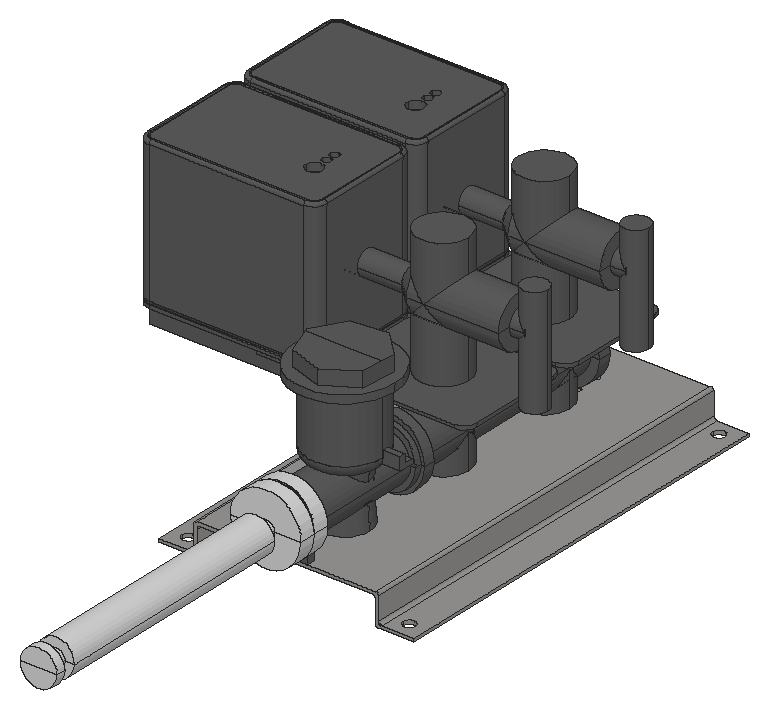
Revit family "Piezo_Button_Valve-Acorn-Master-Trol-Plus-MTPP1-MA2", category Mechanical Equipment, host Face, Revit 2019
Family settings
  Host = Face
  Round Connector Dimension = Use Diameter
  Classification = None
  Part Type = Normal
  OmniClass Number = 23.65.55.14.17
  OmniClass Title = Adjusting/Controlling Valves for Liquid Services
  Cut with Voids When Loaded = No
  Shared = Yes
  Room Calculation Point = No
Parameters (values of type "MTPP1-MA2")
  Width = 8.250"
  Waste Connection = no
  WFU = 0
  Vent Connection = no
  URL = "https://www.acorneng.com/"
  Type Comments = ""
  Product Page URL = "https://www.acorneng.com/hot-cold-valve-MTPP2"
  Product Documentation Link = "https://www.acorneng.com/uploads/fileLibrary/MTP.pdf"
  Model = "MTPP1-MA2"
  Min. Working Pressure = "30 Pounds per Square Inch (206.8 Kilopascal)"
  Maximum Temperature = "130º F (54º C)"
  Max. Working Pressure = "100 Pounds per Square Inch (689.5 Kilopascal)"
  Material = "Stainless Steel-Acorn-Satin"
  Manufacturer = "Acorn Engineering"
  Length = 5.016"
  Installation Type = "Surface Mounted"
  Inlet Diameter Connection = 0.500"
  IAPMO Compliance = "Valve conforms with the lead free requirements of NSF61, Section 9, 1997; Federal Public Law 111-380 and ADA requirements."
  HWFU = 0
  HW Connection = yes
  Finish = Stainless Steel-Acorn-Satin
  Description = "Option: Master-Trol® Plus Hot & Cold Piezo Button Valve"
  Depth Of Body = 5.128"
  Default Elevation = 0.000"
  Creation Date = "01/30/2023"
  CWFU = 0
  CW Connection = yes
  Assembly Code = "D2090900"
  ADA Compliant = yes
Reference planes (in)
  plane 1 "Center (Front/Back)": y = 0
  plane 2: z = 0
  plane 3 "Center (Left/Right)": x = 0
  plane 4: y = -4.125
  plane 5: y = 4.125
  plane 6: z = 0.0625
  plane 7: z = 0.62891
  plane 8: z = 0.56641
  plane 9 "Valve": z = 1.34766
  plane 10: x = 0.0075
  plane 11: x = 0.36688
  plane 12: y = -10.24609
  plane 13: y = -0.07031
  plane 14: y = -0.55469
  plane 15: y = 3.23963
  plane 16: y = 2.75525
  plane 17: y = 3.375
  plane 18: y = 1
  plane 19: y = -1.496
  plane 20: y = 0.879
  plane 21: x = -2.508
  plane 22: x = 2.508
  plane 23: x = -1.82
  plane 24: x = 1.82
  plane 25: z = 5.128
  plane 26: x = 3.6325
  plane 27: x = 0.0075
  plane 28: x = 3.6325
  plane 29: x = 0.0075
Forms (in)
  Extrusion 1, solid, material "Stainless Steel-Acorn-Satin"
    sketch origin (0, 0, 0) x (1, 0, 0) y (0, 0, 1)
      loop
        line (-2.508, 0) -> (-1.82, 0)
        arc (-1.82, 0) -> (-1.77581, 0.01831) -> (-1.7575, 0.0625) r 0.0625
        line (-1.7575, 0.0625) -> (-1.7575, 0.50391)
        arc (-1.7575, 0.50391) -> (-1.73919, 0.5481) -> (-1.695, 0.56641) r 0.0625
        line (-1.695, 0.56641) -> (1.695, 0.56641)
        arc (1.695, 0.56641) -> (1.73919, 0.5481) -> (1.7575, 0.50391) r 0.0625
        line (1.7575, 0.50391) -> (1.7575, 0.0625)
        arc (1.7575, 0.0625) -> (1.77581, 0.01831) -> (1.82, 0) r 0.0625
        line (1.82, 0) -> (2.508, 0) -> (2.508, 0.0625) -> (1.8825, 0.0625)
        arc (1.8825, 0.0625) -> (1.83831, 0.08081) -> (1.82, 0.125) r 0.0625
        line (1.82, 0.125) -> (1.82, 0.56641)
        arc (1.82, 0.56641) -> (1.80169, 0.6106) -> (1.7575, 0.62891) r 0.0625
        line (1.7575, 0.62891) -> (-1.7575, 0.62891)
        arc (-1.7575, 0.62891) -> (-1.80169, 0.6106) -> (-1.82, 0.56641) r 0.0625
        line (-1.82, 0.56641) -> (-1.82, 0.125)
        arc (-1.82, 0.125) -> (-1.83831, 0.08081) -> (-1.8825, 0.0625) r 0.0625
        line (-1.8825, 0.0625) -> (-2.508, 0.0625) -> (-2.508, 0)
    from -4.125 to 4.125
  Extrusion 2, void
    sketch origin (0, 0, 1.34766) x (0, -1, 0) y (1, 0, 0)
      loop
        circle (-3.81601, -2.17969) r 0.125
      loop
        circle (3.81601, -2.17969) r 0.125
      loop
        circle (-3.23963, -0.2458) r 0.05556
      loop
        circle (-3.23963, 0.24248) r 0.05556
      loop
        circle (-2.75525, -0.2458) r 0.05556
      loop
        circle (-2.75525, 0.24248) r 0.05556
      loop
        circle (0.07031, -0.2458) r 0.05556
      loop
        circle (0.07031, 0.24248) r 0.05556
      loop
        circle (0.55469, -0.2458) r 0.05556
      loop
        circle (0.55469, 0.24248) r 0.05556
      loop
        circle (-3.81601, 2.17969) r 0.125
      loop
        circle (3.81601, 2.17969) r 0.125
    from -1.34766 to -0.34089
  Revolve 3, solid, material "Stainless Steel-Acorn-Polished"
    sketch origin (2.17938, 0, 1.34766) x (0, -1, 0) y (-1, 0, 0)
      loop
        line (-2.97143, 2.17188) -> (-2.97143, 1.4775) -> (-2.72143, 1.4775) -> (-2.72143, 1.67044) -> (-1.78393, 1.67044) -> (1.37318, 1.67044) -> (1.37318, 1.4775) -> (1.58776, 1.4775) -> (1.58776, 1.56287) -> (1.71357, 1.56287) -> (1.71357, 1.67044) -> (3.99609, 1.67044) -> (3.99609, 1.4775) -> (4.29934, 1.4775) -> (4.19374, 1.5831) -> (4.3381, 1.5831) -> (4.3381, 1.47728) -> (4.64278, 1.47728) -> (4.64278, 2.00544) -> (4.89278, 2.00544) -> (4.89278, 1.8125) -> (9.80856, 1.8125) -> (9.80856, 2.00544) -> (10.05856, 2.00544) -> (10.05856, 1.8125) -> (10.24609, 1.8125) -> (10.24609, 2.17188) -> (-2.97143, 2.17188)
      axis (-2.97143, 2.17188) -> (10.24609, 2.17188)
    angle from 0 to 360
  Extrusion 4, solid, material "Plastic-Acorn-Black"
    sketch origin (1.82, 2.22143, 3.62041) x (0, -1, 0) y (1, 0, 0)
      loop
        circle (0, -1.8125) r 0.5
    from -2.9915 to 1.12959
  Revolve 5, solid, material "Plastic-Acorn-Black"
    sketch origin (1.82, 2.22143, 3.62041) x (0, -1, 0) y (1, 0, 0)
      loop
        line (0, -3.82748) -> (0, 0) -> (-0.25, 0) -> (-0.25, -0.31536) -> (-0.5, -0.31536) -> (-0.5, -2.12786) -> (-0.24041, -2.43723) -> (-0.24041, -3.82748) -> (0, -3.82748)
      axis (0, -3.82748) -> (0, 0)
    angle from 0 to 360
  Extrusion 6, solid, material "Plastic-Acorn-Black"
    sketch origin (1.82, 2.22143, 3.62041) x (0, -1, 0) y (1, 0, 0)
      loop
        circle (0, 0) r 0.25
    from -1.38796 to 0.75
  Sweep 7, solid, material "Plastic-Acorn-Black"
    path in 3D
      loop
        arc (-1.75422, 3.376, 3.62041) -> (-1.57744, 3.30278, 3.62041) -> (-1.50422, 3.126, 3.62041) r 0.25
        line (-1.50422, 3.126, 3.62041) -> (-1.50422, 1.251, 3.62041)
        arc (-1.50422, 1.251, 3.62041) -> (-1.57744, 1.07422, 3.62041) -> (-1.75422, 1.001, 3.62041) r 0.25
        line (-1.75422, 1.001, 3.62041) -> (-4.805, 1.001, 3.62041)
        arc (-4.805, 1.001, 3.62041) -> (-4.98178, 1.07422, 3.62041) -> (-5.055, 1.251, 3.62041) r 0.25
        line (-5.055, 1.251, 3.62041) -> (-5.055, 3.126, 3.62041)
        arc (-5.055, 3.126, 3.62041) -> (-4.98178, 3.30278, 3.62041) -> (-4.805, 3.376, 3.62041) r 0.25
        line (-4.805, 3.376, 3.62041) -> (-1.75422, 3.376, 3.62041)
    profile origin (-3.27961, 3.376, 3.62041) x (0, 1, 0) y (0, 0, 1)
      loop
        line (0, -1.32934) -> (0, 1.44139)
        arc (0, 1.44139) -> (-0.01717, 1.48283) -> (-0.05861, 1.5) r 0.05861
        line (-0.05861, 1.5) -> (-0.09006, 1.5) -> (-0.09006, -1.38796) -> (-0.05861, -1.38796)
        arc (-0.05861, -1.38796) -> (-0.01717, -1.37079) -> (0, -1.32934) r 0.05861
  Extrusion 8, solid, material "Plastic-Acorn-Black"
    sketch origin (1.82, 2.42678, 3.62041) x (0, -1, 0) y (1, 0, 0)
      loop
        line (-0.85915, -3.57422) -> (-0.85915, -6.625)
        arc (-0.85915, -6.625) -> (-0.81231, -6.73809) -> (-0.69922, -6.78494) r 0.15994
        line (-0.69922, -6.78494) -> (1.17578, -6.78494)
        arc (1.17578, -6.78494) -> (1.28887, -6.73809) -> (1.33572, -6.625) r 0.15994
        line (1.33572, -6.625) -> (1.33572, -3.57422)
        arc (1.33572, -3.57422) -> (1.28887, -3.46113) -> (1.17578, -3.41428) r 0.15994
        line (1.17578, -3.41428) -> (-0.69922, -3.41428)
        arc (-0.69922, -3.41428) -> (-0.81231, -3.46113) -> (-0.85915, -3.57422) r 0.15994
      loop
        circle (-0.01569, -4.125) r 0.08951
      loop
        circle (0.18259, -4.125) r 0.08907
      loop
        circle (0.48438, -4.125) r 0.16422
    from 1.35679 to 1.5
  Extrusion 9, solid, material "Plastic-Acorn-Black"
    sketch origin (1.82, -0.27457, 3.62041) x (0, -1, 0) y (1, 0, 0)
      loop
        circle (0, -1.8125) r 0.5
    from -2.9915 to 1.12959
  Revolve 10, solid, material "Plastic-Acorn-Black"
    sketch origin (1.82, -0.27457, 3.62041) x (0, -1, 0) y (1, 0, 0)
      loop
        line (0, -3.82748) -> (0, 0) -> (-0.25, 0) -> (-0.25, -0.31536) -> (-0.5, -0.31536) -> (-0.5, -2.12786) -> (-0.24041, -2.43723) -> (-0.24041, -3.82748) -> (0, -3.82748)
      axis (0, -3.82748) -> (0, 0)
    angle from 0 to 360
  Extrusion 11, solid, material "Plastic-Acorn-Black"
    sketch origin (1.82, -0.27457, 3.62041) x (0, -1, 0) y (1, 0, 0)
      loop
        circle (0, 0) r 0.25
    from -1.38796 to 0.75
  Sweep 12, solid, material "Plastic-Acorn-Black"
    path in 3D
      loop
        arc (-1.75422, 0.88, 3.62041) -> (-1.57744, 0.80678, 3.62041) -> (-1.50422, 0.63, 3.62041) r 0.25
        line (-1.50422, 0.63, 3.62041) -> (-1.50422, -1.245, 3.62041)
        arc (-1.50422, -1.245, 3.62041) -> (-1.57744, -1.42178, 3.62041) -> (-1.75422, -1.495, 3.62041) r 0.25
        line (-1.75422, -1.495, 3.62041) -> (-4.805, -1.495, 3.62041)
        arc (-4.805, -1.495, 3.62041) -> (-4.98178, -1.42178, 3.62041) -> (-5.055, -1.245, 3.62041) r 0.25
        line (-5.055, -1.245, 3.62041) -> (-5.055, 0.63, 3.62041)
        arc (-5.055, 0.63, 3.62041) -> (-4.98178, 0.80678, 3.62041) -> (-4.805, 0.88, 3.62041) r 0.25
        line (-4.805, 0.88, 3.62041) -> (-1.75422, 0.88, 3.62041)
    profile origin (-3.27961, 0.88, 3.62041) x (0, 1, 0) y (0, 0, 1)
      loop
        line (0, -1.32934) -> (0, 1.44139)
        arc (0, 1.44139) -> (-0.01717, 1.48283) -> (-0.05861, 1.5) r 0.05861
        line (-0.05861, 1.5) -> (-0.09006, 1.5) -> (-0.09006, -1.38796) -> (-0.05861, -1.38796)
        arc (-0.05861, -1.38796) -> (-0.01717, -1.37079) -> (0, -1.32934) r 0.05861
  Extrusion 13, solid, material "Plastic-Acorn-Black"
    sketch origin (1.82, -0.06922, 3.62041) x (0, -1, 0) y (1, 0, 0)
      loop
        line (-0.85915, -3.57422) -> (-0.85915, -6.625)
        arc (-0.85915, -6.625) -> (-0.81231, -6.73809) -> (-0.69922, -6.78494) r 0.15994
        line (-0.69922, -6.78494) -> (1.17578, -6.78494)
        arc (1.17578, -6.78494) -> (1.28887, -6.73809) -> (1.33572, -6.625) r 0.15994
        line (1.33572, -6.625) -> (1.33572, -3.57422)
        arc (1.33572, -3.57422) -> (1.28887, -3.46113) -> (1.17578, -3.41428) r 0.15994
        line (1.17578, -3.41428) -> (-0.69922, -3.41428)
        arc (-0.69922, -3.41428) -> (-0.81231, -3.46113) -> (-0.85915, -3.57422) r 0.15994
      loop
        circle (-0.01569, -4.125) r 0.08951
      loop
        circle (0.18259, -4.125) r 0.08907
      loop
        circle (0.48438, -4.125) r 0.16422
    from 1.35679 to 1.5
  Revolve 14, solid, material "Plastic-Acorn-Black"
    sketch origin (1.82, -2.69922, 1.27275) x (1, 0, 0) y (0, 0, 1)
      loop
        line (-1.8125, 2.44325) -> (-2.70868, 2.44325) -> (-2.80625, 2.30391) -> (-2.80625, 1.99055) -> (-2.55625, 1.99055) -> (-2.55625, 0.73405)
        arc (-2.55625, 0.73405) -> (-2.48303, 0.55727) -> (-2.30625, 0.48405) r 0.25
        arc (-2.30625, 0.48405) -> (-2.26023, -0.08002) -> (-2.30625, -0.64408) r 3.47999
        line (-2.30625, -0.64408) -> (-1.8125, -0.64408) -> (-1.8125, 2.44325)
      axis (-1.8125, 2.44325) -> (-1.8125, -0.64408)
    angle from 0 to 360
  Extrusion 15, void
    sketch origin (1.82, -0.21875, 2.62041) x (0, -1, 0) y (1, 0, 0)
      loop
        circle (2.48047, -1.8125) r 1.25
      loop
        line (2.20472, -1.05487) -> (1.7162, -1.55572) -> (1.8032, -2.24993) -> (2.40019, -2.61474) -> (3.05764, -2.37545) -> (3.28046, -1.71225) -> (2.90088, -1.12453) -> (2.20472, -1.05487)
    from 0.79767 to 3
  Extrusion 16, solid, material "Plastic-Acorn-Black"
    sketch origin (-1.805, -0.21875, 1.27275) x (0, 1, 0) y (0, 0, 1)
      loop
        line (-2.48047, 0.62891) -> (-2.17803, 0.62891) -> (-2.17803, 0.71013) -> (-2.35698, 0.71013) -> (-2.35698, 0.87891) -> (-2.48047, 0.87891) -> (-2.48047, 0.62891)
    from 1.8125 to 2.90888
  Extrusion 17, solid, material "Plastic-Acorn-Black"
    sketch origin (2.22625, 0, 0) x (-1, 0, 0) y (0, 0, -1)
      loop
        arc (1.8125, -0.98828) -> (2.06662, -1.09354) -> (2.17187, -1.34766) r 0.35938
        line (2.17187, -1.34766) -> (2.56462, -1.34766) -> (2.56462, -0.98828) -> (2.90888, -0.98828) -> (2.90888, -0.62891) -> (1.8125, -0.62891) -> (1.8125, -0.98828)
    from 3.97512 to 4.125
  Extrusion 18, solid, material "Plastic-Acorn-Black"
    sketch origin (1.82, 2.42678, 2.23245) x (0, -1, 0) y (1, 0, 0)
      loop
        line (1.42578, -3.01172) -> (1.42578, -0.61328)
        arc (1.42578, -0.61328) -> (1.35256, -0.4365) -> (1.17578, -0.36328) r 0.25
        line (1.17578, -0.36328) -> (-0.69922, -0.36328)
        arc (-0.69922, -0.36328) -> (-0.876, -0.4365) -> (-0.94922, -0.61328) r 0.25
        line (-0.94922, -0.61328) -> (-0.94922, -3.01172)
        arc (-0.94922, -3.01172) -> (-0.876, -3.1885) -> (-0.69922, -3.26172) r 0.25
        line (-0.69922, -3.26172) -> (1.17578, -3.26172)
        arc (1.17578, -3.26172) -> (1.35256, -3.1885) -> (1.42578, -3.01172) r 0.25
      loop
        line (1.42578, -6.625) -> (1.42578, -3.57422)
        arc (1.42578, -3.57422) -> (1.35256, -3.39744) -> (1.17578, -3.32422) r 0.25
        line (1.17578, -3.32422) -> (-0.69922, -3.32422)
        arc (-0.69922, -3.32422) -> (-0.876, -3.39744) -> (-0.94922, -3.57422) r 0.25
        line (-0.94922, -3.57422) -> (-0.94922, -6.625)
        arc (-0.94922, -6.625) -> (-0.876, -6.80178) -> (-0.69922, -6.875) r 0.25
        line (-0.69922, -6.875) -> (1.17578, -6.875)
        arc (1.17578, -6.875) -> (1.35256, -6.80178) -> (1.42578, -6.625) r 0.25
    from -0.0625 to 0
  Extrusion 19, solid, material "Plastic-Acorn-Black"
    sketch origin (1.82, 2.42678, 2.23245) x (0, -1, 0) y (1, 0, 0)
      loop
        line (-0.94922, -3.57422) -> (-0.94922, -6.625) -> (-0.85915, -6.625) -> (-0.85915, -3.57422) -> (-0.94922, -3.57422)
      loop
        line (-0.46094, -3.41428) -> (1.17578, -3.41428) -> (1.17578, -3.32422) -> (-0.46094, -3.32422) -> (-0.46094, -3.41428)
      loop
        line (1.33572, -3.57422) -> (1.33572, -6.625) -> (1.42578, -6.625) -> (1.42578, -3.57422) -> (1.33572, -3.57422)
      loop
        line (0.9375, -6.875) -> (0.9375, -6.78494) -> (-0.46094, -6.78494) -> (-0.46094, -6.875) -> (0.9375, -6.875)
    from -0.34089 to 0
  Extrusion 20, solid, material "Plastic-Acorn-Black"
    sketch origin (1.82, 2.42678, 2.23245) x (0, -1, 0) y (1, 0, 0)
      loop
        arc (-0.94922, -4.51172) -> (-0.876, -4.6885) -> (-0.69922, -4.76172) r 0.25
        line (-0.69922, -4.76172) -> (1.17578, -4.76172)
        arc (1.17578, -4.76172) -> (1.35256, -4.6885) -> (1.42578, -4.51172) r 0.25
        line (1.42578, -4.51172) -> (1.42578, -2.11328)
        arc (1.42578, -2.11328) -> (1.35256, -1.9365) -> (1.17578, -1.86328) r 0.25
        line (1.17578, -1.86328) -> (-0.69922, -1.86328)
        arc (-0.69922, -1.86328) -> (-0.876, -1.9365) -> (-0.94922, -2.11328) r 0.25
        line (-0.94922, -2.11328) -> (-0.94922, -4.51172)
    from -0.125 to -0.0625
  Extrusion 21, solid, material "Plastic-Acorn-Black"
    sketch origin (1.82, -0.06922, 2.23245) x (0, -1, 0) y (1, 0, 0)
      loop
        line (1.42578, -3.01172) -> (1.42578, -0.61328)
        arc (1.42578, -0.61328) -> (1.35256, -0.4365) -> (1.17578, -0.36328) r 0.25
        line (1.17578, -0.36328) -> (-0.69922, -0.36328)
        arc (-0.69922, -0.36328) -> (-0.876, -0.4365) -> (-0.94922, -0.61328) r 0.25
        line (-0.94922, -0.61328) -> (-0.94922, -3.01172)
        arc (-0.94922, -3.01172) -> (-0.876, -3.1885) -> (-0.69922, -3.26172) r 0.25
        line (-0.69922, -3.26172) -> (1.17578, -3.26172)
        arc (1.17578, -3.26172) -> (1.35256, -3.1885) -> (1.42578, -3.01172) r 0.25
      loop
        line (1.42578, -6.625) -> (1.42578, -3.57422)
        arc (1.42578, -3.57422) -> (1.35256, -3.39744) -> (1.17578, -3.32422) r 0.25
        line (1.17578, -3.32422) -> (-0.69922, -3.32422)
        arc (-0.69922, -3.32422) -> (-0.876, -3.39744) -> (-0.94922, -3.57422) r 0.25
        line (-0.94922, -3.57422) -> (-0.94922, -6.625)
        arc (-0.94922, -6.625) -> (-0.876, -6.80178) -> (-0.69922, -6.875) r 0.25
        line (-0.69922, -6.875) -> (1.17578, -6.875)
        arc (1.17578, -6.875) -> (1.35256, -6.80178) -> (1.42578, -6.625) r 0.25
    from -0.0625 to 0
  Extrusion 22, solid, material "Plastic-Acorn-Black"
    sketch origin (1.82, -0.06922, 2.23245) x (0, -1, 0) y (1, 0, 0)
      loop
        line (-0.94922, -3.57422) -> (-0.94922, -6.625) -> (-0.85915, -6.625) -> (-0.85915, -3.57422) -> (-0.94922, -3.57422)
      loop
        line (-0.46094, -3.41428) -> (1.17578, -3.41428) -> (1.17578, -3.32422) -> (-0.46094, -3.32422) -> (-0.46094, -3.41428)
      loop
        line (1.33572, -3.57422) -> (1.33572, -6.625) -> (1.42578, -6.625) -> (1.42578, -3.57422) -> (1.33572, -3.57422)
      loop
        line (0.9375, -6.875) -> (0.9375, -6.78494) -> (-0.46094, -6.78494) -> (-0.46094, -6.875) -> (0.9375, -6.875)
    from -0.34089 to 0
  Extrusion 23, solid, material "Plastic-Acorn-Black"
    sketch origin (1.82, -0.06922, 2.23245) x (0, -1, 0) y (1, 0, 0)
      loop
        arc (-0.94922, -4.51172) -> (-0.876, -4.6885) -> (-0.69922, -4.76172) r 0.25
        line (-0.69922, -4.76172) -> (1.17578, -4.76172)
        arc (1.17578, -4.76172) -> (1.35256, -4.6885) -> (1.42578, -4.51172) r 0.25
        line (1.42578, -4.51172) -> (1.42578, -2.11328)
        arc (1.42578, -2.11328) -> (1.35256, -1.9365) -> (1.17578, -1.86328) r 0.25
        line (1.17578, -1.86328) -> (-0.69922, -1.86328)
        arc (-0.69922, -1.86328) -> (-0.876, -1.9365) -> (-0.94922, -2.11328) r 0.25
        line (-0.94922, -2.11328) -> (-0.94922, -4.51172)
    from -0.125 to -0.0625
Cuts and joins
  Extrusion 2 cuts Extrusion 1
  Extrusion 15 cuts Revolve 14
Lines and regions (in)
  sketch lines
    curve 1: line (-4.805, 3.376, 3.62041) -> (-1.75422, 3.376, 3.62041)
    curve 2: arc (-1.50422, 3.126, 3.62041) -> (-1.57744, 3.30278, 3.62041) -> (-1.75422, 3.376, 3.62041) r 0.25
    curve 3: line (-1.50422, 3.126, 3.62041) -> (-1.50422, 1.251, 3.62041)
    curve 4: arc (-1.75422, 1.001, 3.62041) -> (-1.57744, 1.07422, 3.62041) -> (-1.50422, 1.251, 3.62041) r 0.25
    curve 5: line (-1.75422, 1.001, 3.62041) -> (-4.805, 1.001, 3.62041)
    curve 6: arc (-5.055, 1.251, 3.62041) -> (-4.98178, 1.07422, 3.62041) -> (-4.805, 1.001, 3.62041) r 0.25
    curve 7: line (-5.055, 1.251, 3.62041) -> (-5.055, 3.126, 3.62041)
    curve 8: arc (-4.805, 3.376, 3.62041) -> (-4.98178, 3.30278, 3.62041) -> (-5.055, 3.126, 3.62041) r 0.25
    curve 9: line (-4.805, 0.88, 3.62041) -> (-1.75422, 0.88, 3.62041)
    curve 10: arc (-1.50422, 0.63, 3.62041) -> (-1.57744, 0.80678, 3.62041) -> (-1.75422, 0.88, 3.62041) r 0.25
    curve 11: line (-1.50422, 0.63, 3.62041) -> (-1.50422, -1.245, 3.62041)
    curve 12: arc (-1.75422, -1.495, 3.62041) -> (-1.57744, -1.42178, 3.62041) -> (-1.50422, -1.245, 3.62041) r 0.25
    curve 13: line (-1.75422, -1.495, 3.62041) -> (-4.805, -1.495, 3.62041)
    curve 14: arc (-5.055, -1.245, 3.62041) -> (-4.98178, -1.42178, 3.62041) -> (-4.805, -1.495, 3.62041) r 0.25
    curve 15: line (-5.055, -1.245, 3.62041) -> (-5.055, 0.63, 3.62041)
    curve 16: arc (-4.805, 0.88, 3.62041) -> (-4.98178, 0.80678, 3.62041) -> (-5.055, 0.63, 3.62041) r 0.25
Dimensions and locks (in)
  Revolve 3 sketch curve to Revolve 3 sketch curve = 6.250"
  plane 17 to plane 18 = 2.375"
  plane 4 to plane 19 = 2.629"
  plane 20 to plane 19 = 2.375"
  plane 4 to plane 5 = 8.250"
  plane 21 to plane 3 "Center (Left/Right)" = 2.508"
  plane 21 to plane 22 = 5.016"
  plane 5 to plane 17 = 0.750"
  plane 21 to plane 23 = 0.688"
  plane 25 to host face = 5.128"
  aligned and locked: plane 2 to host face
  aligned and locked: level to host face
  aligned and locked: Extrusion 1 to plane 5
  aligned and locked: plane 4 to Extrusion 1
  aligned and locked: plane 15 to Extrusion 2 sketch curve
  aligned and locked: plane 27 to Extrusion 4 sketch curve
  aligned and locked: plane 29 to Extrusion 9 sketch curve
  aligned and locked: plane 7 to Extrusion 9
Connectors (in)
  piping at (0.0075, -10.24609, 1.34766), diameter 0.5, driven by "Inlet Diameter Connection"
    settings: on Revolve 3, index 3, connector inside diameter 24", connector length 0.000", flow factor 0, pipe flow 0 GPM, pressure drop 0.00 psi, fitting loss kfactor 0, connector angle 0.00°, fixture units 0, engagement length 0.000", angle of deflection 0.00°, flow configuration 0, flow direction 1, fitting loss method 0, system type 19, joint type 0, gender type 0, connector reference index -1, connector utility 0, adjustable connector no, is connector primary yes, connector description "1/2\" HW Inlet Connection"
